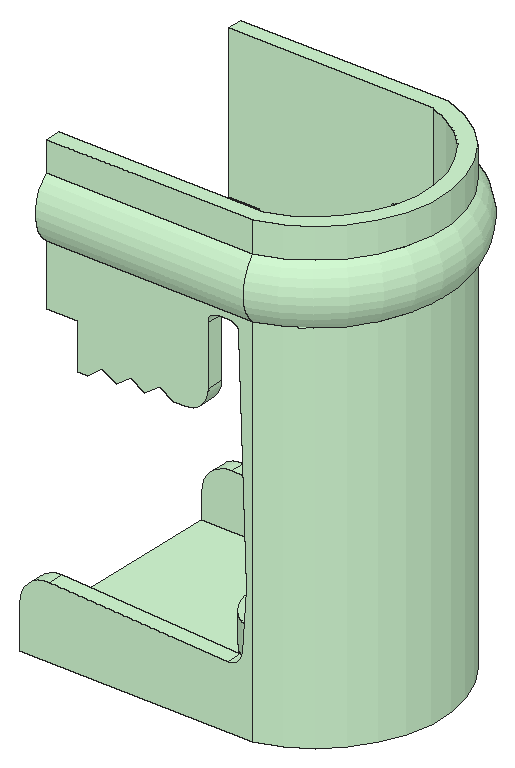
Revit family "吊元ロック", category 機械設備, Revit 2020
Family settings
  丸型コネクタ寸法 = 直径を使用
  種別 = なし
  パーツ タイプ = 標準
  作業面ベース = いいえ
  常に垂直 = はい
  ロード時にボイドで切り取り = いいえ
  共有 = いいえ
  部屋計算ポイント = いいえ
Parameters
  製造元 = "株式会社桐井製作所"
  既定の高さ = 0 mm
  URL = "https://www.kirii.co.jp/"
  K_許容荷重(N) = 800
  K_品名 = "吊元ロック"
  K_名称 = "吊元金具"
  K_入数 = "400"
  K_バージョン情報 = "20211012"
Reference planes
  plane 1 "中心(正面/背面)": y = 0
  plane 2: z = 0
  plane 3 "中心(左/右)": x = 0
Forms (mm)
  Extrusion 1, void
    sketch origin (1, -1.5, 2.3) x (1, 0, 0) y (0, 0, 1)
      loop
        line (-1, 35.1) -> (-1, 28.938)
        arc (-1, 28.938) -> (-1.732, 27.17) -> (-3.5, 26.438) r 2.5
        line (-3.5, 26.438) -> (-4.553, 26.438) -> (-6.053, 27.33) -> (-7.553, 26.216) -> (-9.053, 27.109) -> (-10.553, 25.995) -> (-12.053, 26.887) -> (-13.553, 25.7) -> (-14.553, 25.7) -> (-14.553, 30.5) -> (-17.753, 30.5) -> (-17.753, 46.2) -> (-20.553, 46.2) -> (-20.553, 2.126)
        arc (-20.553, 2.126) -> (-19.648, 4.273) -> (-17.479, 5.125) r 3
        line (-17.479, 5.125) -> (1.019, 4.24)
        arc (1.019, 4.24) -> (2.063, 4.628) -> (2.552, 5.63) r 1.5
        line (2.552, 5.63) -> (2.997, 11.7) -> (2.2, 35.134)
        arc (2.2, 35.134) -> (1.896, 35.819) -> (1.201, 36.1) r 1
        line (1.201, 36.1) -> (0, 36.1)
        arc (0, 36.1) -> (-0.707, 35.807) -> (-1, 35.1) r 1
    from 9.5 to 11.1
  Extrusion 2, solid
    sketch origin (0, 0, 0) x (1, 0, 0) y (0, 1, 0)
      loop
        circle (0, 0.038) r 5.5
      loop
        circle (0, 0) r 4
    from 0 to 4.992
  Extrusion 3, void
    sketch origin (1, 21.682, 2.3) x (1, 0, 0) y (0, 0, 1)
      loop
        line (-1, 35.1) -> (-1, 28.938)
        arc (-1, 28.938) -> (-1.732, 27.17) -> (-3.5, 26.438) r 2.5
        line (-3.5, 26.438) -> (-4.553, 26.438) -> (-6.053, 27.33) -> (-7.553, 26.216) -> (-9.053, 27.109) -> (-10.553, 25.995) -> (-12.053, 26.887) -> (-13.553, 25.7) -> (-14.553, 25.7) -> (-14.553, 30.5) -> (-17.753, 30.5) -> (-17.753, 46.2) -> (-20.553, 46.2) -> (-20.553, 2.126)
        arc (-20.553, 2.126) -> (-19.648, 4.273) -> (-17.479, 5.125) r 3
        line (-17.479, 5.125) -> (1.019, 4.24)
        arc (1.019, 4.24) -> (2.063, 4.628) -> (2.552, 5.63) r 1.5
        line (2.552, 5.63) -> (2.997, 11.7) -> (2.2, 35.134)
        arc (2.2, 35.134) -> (1.896, 35.819) -> (1.201, 36.1) r 1
        line (1.201, 36.1) -> (0, 36.1)
        arc (0, 36.1) -> (-0.707, 35.807) -> (-1, 35.1) r 1
    from 9.082 to 10.682
  Sweep 4, solid
    path origin (0, 0, 0) x (1, 0, 0) y (0, 1, 0)
      loop
        line (-16.753, -12.6) -> (4.647, -12.6)
        arc (4.647, -12.6) -> (14.147, 0) -> (4.647, 12.6) r 13.106
        line (4.647, 12.6) -> (-16.753, 12.6)
    profile origin (-6.053, 12.6, 0) x (0, -1, 0) y (0, 0, 1)
      loop
        arc (0, 45.376) -> (-1.5, 42.226) -> (0, 39.076) r 4.058
        line (0, 39.076) -> (0, 45.376)
  Extrusion 5, solid
    sketch origin (0, 0, 0) x (1, 0, 0) y (0, 1, 0)
      loop
        line (-19.553, -11) -> (-19.553, -12.6) -> (4.647, -12.6)
        arc (4.647, -12.6) -> (14.147, 0) -> (4.647, 12.6) r 13.106
        line (4.647, 12.6) -> (-19.553, 12.6) -> (-19.553, 11) -> (4.401, 11)
        arc (4.401, 11) -> (12.547, 0) -> (4.401, -11) r 11.5
        line (4.401, -11) -> (-19.553, -11)
    from 0 to 48.5
  Extrusion 6, solid
    sketch origin (0, 0, 0) x (1, 0, 0) y (0, 1, 0)
      loop
        line (-19.553, 11) -> (-19.553, -11) -> (4.401, -11)
        arc (4.401, -11) -> (12.547, 0) -> (4.401, 11) r 11.5
        line (4.401, 11) -> (-19.553, 11)
    from 0 to 1.8
Cuts and joins
  Extrusion 1, Extrusion 3 cuts Extrusion 5
  joined: Extrusion 2, Sweep 4, Extrusion 5, Extrusion 6
Dimensions and locks
  aligned and locked: level to plane 2
